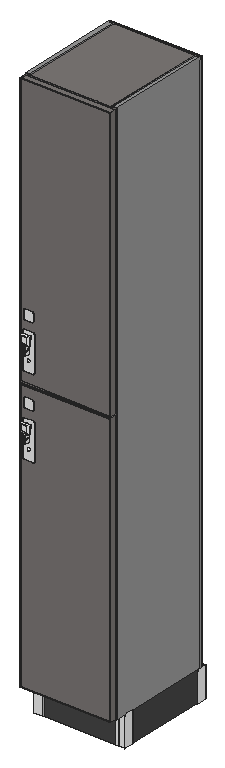
Revit family "Wood_Lockers_Hasps-Salsbury_Industries-42000_Series-1_Wide_Units.rfa", category Specialty Equipment, Revit 2016 (continued)
Definition of nested family "Premier Locker Doors_Hasp"
  Dimensions and locks (in)
    aligned and locked: Extrusion 15 to plane 7 "Front of Door"
    aligned and locked: Extrusion 15 to plane 22 "Front of Hasp Stud"
    aligned and locked: plane 50 "Stud Alignment" to Extrusion 15
    aligned and locked: Blend 17 to plane 39 "Front of Knob"
    aligned and locked: plane 38 "Inner Knob" to Blend 17
    aligned and locked: plane 6 "Back of Door" to Extrusion 18 sketch curve
    aligned and locked: plane 56 "Front of Latch" to Extrusion 18 sketch curve
    aligned and locked: Extrusion 18 to plane 57
    aligned and locked: plane 58 to Extrusion 18
    aligned and locked: plane 59 to cut or joined group of Extrusion 18, Extrusion 19
    aligned and locked: plane 61 to Extrusion 13 sketch curve  (x2)
    aligned and locked: plane 62 to Extrusion 13 sketch curve  (x2)
  Automatic sketch dimensions
    Extrusion 1 sketch curve to plane 4 "Left Side of Door" = 0.031"
    plane 5 "Right Side of Door" to Extrusion 1 sketch curve = 0.031"
    level to Extrusion 1 sketch curve = 0.031"
    plane 9 "Top of Door" to Extrusion 1 sketch curve = 0.031"
    Extrusion 2 sketch curve to plane 4 "Left Side of Door" = 0.031"
    plane 5 "Right Side of Door" to Extrusion 2 sketch curve = 0.031"
    level to Extrusion 2 sketch curve = 0.031"
    plane 9 "Top of Door" to Extrusion 2 sketch curve = 0.031"
    Extrusion 3 sketch curve to plane 4 "Left Side of Door" = 0.031"
    plane 5 "Right Side of Door" to Extrusion 3 sketch curve = 0.031"
    level to Extrusion 3 sketch curve = 0.031"
    plane 9 "Top of Door" to Extrusion 3 sketch curve = 0.031"
    plane 23 "Left Side of Door-Right Side of Trim" to Sweep 4 sketch curve = 0.000"
    plane 24 "Right Side of Door-Left Side of Trim" to Sweep 4 sketch curve = 0.000"  (x2)
    Sweep 4 sketch curve to plane 26 "Bottom of Door-Top of Trim" = 0.000"
    Sweep 4 sketch curve to plane 25 "Top of Door-Bottom of Trim" = 0.000"
    profile plane to Sweep 4 sketch curve = 0.125"
    Sweep 4 sketch curve to Sweep 4 sketch curve = 0.031"
    Sweep 4 sketch curve to plane 1 "Center (Front/Back)" = 0.375"
    plane 1 "Center (Front/Back)" to Sweep 4 sketch curve = 0.375"
    Extrusion 7 sketch curve to plane 33 = 0.000"
    Extrusion 7 sketch curve to plane 34 = 0.000"
    plane 36 to Extrusion 8 sketch curve = 0.000"
    Extrusion 8 sketch curve to Extrusion 8 sketch curve = 0.500"
    plane 35 "Top Hinge" to Extrusion 8 sketch curve = 0.250"
    Extrusion 8 sketch curve to plane 35 "Top Hinge" = 0.250"
    plane 36 to Extrusion 9 sketch curve = 0.000"
    Extrusion 9 sketch curve to Extrusion 9 sketch curve = 0.500"
    plane 37 "Bottom Hinge" to Extrusion 9 sketch curve = 0.250"
    Extrusion 9 sketch curve to plane 37 "Bottom Hinge" = 0.250"
    plane 36 to Extrusion 10 sketch curve = 0.000"
    Extrusion 10 sketch curve to Extrusion 10 sketch curve = 0.500"
    curve 4 to level = 0.000"
    plane 4 "Left Side of Door" to curve 4 = 0.000"
    plane 5 "Right Side of Door" to curve 3 = 0.000"
    curve 3 to plane 9 "Top of Door" = 0.000"
    Extrusion 5 sketch curve to plane 13 "Left Side of Number Tag" = 0.000"
    Extrusion 5 sketch curve to plane 12 "Bottom of Number Tag" = 0.000"
    Extrusion 5 sketch curve to plane 11 "Top of Number Tag" = 0.000"
    Extrusion 5 sketch curve to plane 14 "Right Side of Number Tag" = 0.000"
    Extrusion 6 sketch curve to plane 13 "Left Side of Number Tag" = 0.000"
    Extrusion 6 sketch curve to plane 12 "Bottom of Number Tag" = 0.000"
    Extrusion 6 sketch curve to plane 11 "Top of Number Tag" = 0.000"
    Extrusion 6 sketch curve to plane 14 "Right Side of Number Tag" = 0.000"
    Extrusion 11 sketch curve to plane 13 "Left Side of Number Tag" = 0.125"
    Extrusion 10 sketch curve to plane 10 "Center of Door" = 0.250"
    plane 10 "Center of Door" to Extrusion 10 sketch curve = 0.250"
    Extrusion 11 sketch curve to plane 21 "Bottom of Lock" = 0.125"
    plane 13 "Left Side of Number Tag" to Extrusion 5 sketch curve = 0.14916"
    Extrusion 5 sketch curve to Extrusion 5 sketch curve = 0.14916"  (x2)
    plane 13 "Left Side of Number Tag" to Extrusion 6 sketch curve = 0.14916"
    Extrusion 6 sketch curve to plane 12 "Bottom of Number Tag" = 0.14916"
    plane 13 "Left Side of Number Tag" to Extrusion 11 sketch curve = 0.000"  (x2)
    Extrusion 5 sketch curve to plane 12 "Bottom of Number Tag" = 0.14916"
    Extrusion 6 sketch curve to plane 14 "Right Side of Number Tag" = 0.14916"  (x2)
    plane 14 "Right Side of Number Tag" to Extrusion 11 sketch curve = 0.000"  (x2)
    Extrusion 12 sketch curve to plane 17 "Left Side of Lock" = 0.000"
    plane 13 "Left Side of Number Tag" to Extrusion 12 sketch curve = 0.000"  (x2)
    plane 14 "Right Side of Number Tag" to Extrusion 12 sketch curve = 0.000"  (x2)
    Extrusion 12 sketch curve to plane 20 "Top of Lock" = 0.000"
    Extrusion 12 sketch curve to plane 18 "Right Side of Lock" = 0.000"
    Extrusion 12 sketch curve to plane 21 "Bottom of Lock" = 0.125"
    plane 15 "Horizontal Center of Number Tag" to Sweep 14 sketch curve = 0.000"
    Sweep 14 sketch curve to plane 50 "Stud Alignment" = 0.000"
    Sweep 14 sketch curve to plane 7 "Front of Door" = 0.000"
    Sweep 14 sketch curve to profile plane = 0.000"
    profile plane to Sweep 14 sketch curve = 0.00168"
    profile plane to Sweep 14 sketch curve = 0.156"
    Sweep 14 sketch curve to plane 7 "Front of Door" = 0.03275"
    Extrusion 15 sketch curve to Extrusion 15 sketch curve = 0.000"  (x2)
    Extrusion 15 sketch curve to plane 50 "Stud Alignment" = 0.000"
    plane 15 "Horizontal Center of Number Tag" to Extrusion 15 sketch curve = 0.000"
    plane 15 "Horizontal Center of Number Tag" to Extrusion 15 sketch curve = 0.010"
    plane 13 "Left Side of Number Tag" to Sweep 16 sketch curve = 0.000"
    plane 14 "Right Side of Number Tag" to Sweep 16 sketch curve = 0.000"
    Sweep 16 sketch curve to plane 45 = 0.000"
    Sweep 16 sketch curve to plane 42 = 0.000"
    Sweep 16 sketch curve to plane 7 "Front of Door" = 0.000"
    profile plane to Sweep 16 sketch curve = 0.000"
    profile plane to Sweep 16 sketch curve = 0.22043"
    Sweep 16 sketch curve to Sweep 16 sketch curve = 0.01681"
    profile plane to Sweep 16 sketch curve = 0.33926"
    Sweep 16 sketch curve to Sweep 16 sketch curve = 0.14344"
    Sweep 16 sketch curve to Sweep 16 sketch curve = 0.15329"
    Sweep 16 sketch curve to Sweep 16 sketch curve = 0.59563"
    Sweep 16 sketch curve to Sweep 16 sketch curve = 0.24142"
    Sweep 16 sketch curve to Sweep 16 sketch curve = 0.00858"
    Sweep 16 sketch curve to Sweep 16 sketch curve = 0.51788"
    Sweep 16 sketch curve to Sweep 16 sketch curve = 0.31119"
    Sweep 16 sketch curve to Sweep 16 sketch curve = 0.11721"
    Sweep 16 sketch curve to Sweep 16 sketch curve = 0.01742"
    Sweep 16 sketch curve to Sweep 16 sketch curve = 0.06553"
    Sweep 16 sketch curve to Sweep 16 sketch curve = 0.000"
    Blend 17 sketch curve to plane 54 = 0.000"
    Blend 17 sketch curve to plane 55 = 0.000"
    Blend 17 sketch curve to plane 47 = 0.21496"
    plane 48 to Blend 17 sketch curve = 0.21496"
    plane 54 to Blend 17 sketch curve = 0.03267"
    Blend 17 sketch curve to plane 40 = 0.00461"
    Blend 17 sketch curve to plane 47 = 0.18235"
    plane 48 to Blend 17 sketch curve = 0.18227"
    Extrusion 18 sketch curve to plane 57 = 0.000"
    Extrusion 18 sketch curve to plane 58 = 0.000"
    plane 59 to Extrusion 19 sketch curve = 0.000"
    Extrusion 19 sketch curve to plane 22 "Front of Hasp Stud" = 0.16637"
    curve 29 to plane 14 "Right Side of Number Tag" = 0.000"
    curve 29 to plane 20 "Top of Lock" = 0.000"
    curve 30 to plane 18 "Right Side of Lock" = 0.000"
    curve 29 to plane 13 "Left Side of Number Tag" = 0.000"
    curve 31 to plane 42 = 0.000"
    curve 32 to plane 21 "Bottom of Lock" = 0.125"
    curve 34 to plane 14 "Right Side of Number Tag" = 0.000"
    curve 35 to plane 13 "Left Side of Number Tag" = 0.000"
    plane 15 "Horizontal Center of Number Tag" to curve 37 = 0.000"
    plane 47 to curve 37 = 0.000"
    plane 57 to curve 37 = 0.0599"
    curve 39 to plane 58 = 0.0661"
    curve 42 to plane 14 "Right Side of Number Tag" = 0.000"
    curve 41 to plane 13 "Left Side of Number Tag" = 0.000"
    curve 41 to plane 45 = 0.000"
    curve 43 to plane 42 = 0.000"
    curve 46 to plane 57 = 0.000"
    curve 46 to plane 15 "Horizontal Center of Number Tag" = 0.063"
    plane 15 "Horizontal Center of Number Tag" to curve 45 = 0.063"
    curve 47 to plane 58 = 0.000"
    curve 15 to plane 6 "Back of Door" = 0.000"
    plane 9 "Top of Door" to curve 15 = 0.000"
    plane 57 to curve 49 = 0.000"
    curve 51 to plane 56 "Front of Latch" = 0.000"
    plane 58 to curve 51 = 0.000"
    curve 17 to level = 0.000"
    plane 59 to curve 52 = 0.000"
    curve 53 to plane 22 "Front of Hasp Stud" = 0.16637"
    plane 7 "Front of Door" to curve 53 = 0.04137"
    plane 53 to curve 54 = 0.05633"
    curve 54 to plane 22 "Front of Hasp Stud" = 0.11642"
    plane 55 to curve 55 = 0.00161"
    curve 55 to plane 40 = 0.00465"
    plane 45 to curve 56 = 0.000"
    curve 56 to plane 39 "Front of Knob" = 0.01788"
    curve 56 to plane 40 = 0.08926"
    plane 55 to curve 57 = 0.000"
    curve 57 to plane 40 = 0.03757"
    plane 39 "Front of Knob" to curve 57 = 0.004"
    plane 42 to curve 60 = 0.000"
    curve 58 to plane 39 "Front of Knob" = 0.000"
    plane 54 to curve 58 = 0.000"
    plane 54 to curve 59 = 0.000"
    plane 55 to curve 58 = 0.000"
    curve 60 to plane 39 "Front of Knob" = 0.01788"
    curve 60 to plane 52 = 0.09774"
    plane 54 to curve 60 = 0.03261"
    plane 56 "Front of Latch" to curve 59 = 0.02711"
    plane 54 to curve 59 = 0.06553"
    plane 39 "Front of Knob" to curve 59 = 0.004"
    curve 61 to plane 54 = 0.00161"
    curve 61 to plane 22 "Front of Hasp Stud" = 0.11642"
    plane 6 "Back of Door" to curve 9 = 0.000"
    curve 6 to plane 4 "Left Side of Door" = 0.000"
    plane 7 "Front of Door" to curve 6 = 0.000"
    plane 7 "Front of Door" to curve 28 = 0.000"
    curve 67 to plane 14 "Right Side of Number Tag" = 0.000"
    curve 65 to plane 13 "Left Side of Number Tag" = 0.000"
    curve 66 to plane 39 "Front of Knob" = 0.000"
    curve 28 to plane 17 "Left Side of Lock" = 0.000"
    curve 28 to plane 18 "Right Side of Lock" = 0.000"
    curve 8 to plane 5 "Right Side of Door" = 0.000"
    curve 64 to plane 22 "Front of Hasp Stud" = 0.11642"
    curve 69 to plane 22 "Front of Hasp Stud" = 0.11642"
    curve 68 to plane 39 "Front of Knob" = 0.01788"
    curve 65 to plane 39 "Front of Knob" = 0.01788"
    curve 14 to plane 23 "Left Side of Door-Right Side of Trim" = 0.07537"
    plane 48 to curve 64 = 0.21657"
    plane 48 to curve 65 = 0.09774"
    plane 48 to curve 63 = 0.05633"
    curve 70 to plane 47 = 0.05633"
    curve 68 to plane 47 = 0.09774"
    curve 69 to curve 69 = 0.16024"
    curve 64 to curve 65 = 0.15655"
    curve 69 to curve 68 = 0.15655"
    plane 39 "Front of Knob" to curve 67 = 0.004"
    plane 33 to curve 14 = 0.250"
    curve 66 to curve 65 = 0.11721"
    curve 67 to plane 47 = 0.14943"
    curve 68 to curve 66 = 0.11721"
    curve 67 to curve 66 = 0.000"
    plane 39 "Front of Knob" to curve 71 = 0.004"
    curve 71 to curve 66 = 0.000"
    plane 48 to curve 71 = 0.14943"
    plane 1 "Center (Front/Back)" to curve 73 = 0.000"
    curve 73 to plane 4 "Left Side of Door" = 0.000"
    curve 73 to plane 60 = 0.000"
    plane 48 to Extrusion 13 sketch curve = 0.000"
    plane 15 "Horizontal Center of Number Tag" to Extrusion 13 sketch curve = 0.000"
    radius of Extrusion 7 sketch curve = 0.250"
    radius of Sweep 14 sketch curve = 0.010"
    radius of Extrusion 19 sketch curve = 0.250"
Definition of nested family "Wood Locker Bases"
  Parameters (values of type "Base - 12" W x 15" D Lockers")
    Width = 12.000"
    Visible Base = yes
    Visible = no
    Model = "Base - 12\" W x 15\" D Lockers"
    Manufacturer = "Salsbury Industries"
    Height = 4.000"
    Depth = 13.250"
    Base Secondary Material = none
    Base Primary Materials = none
    Base Hardware = none
  Types (14): name | Width | Visible Base | Visible | Model | Depth
    (no name) | 12.000" | yes | no | "Base - 12\" W x 15\" D Lockers" | 13.250"
    Base - 12" W x 15" D Lockers | 12.000" | yes | no | "Base - 12\" W x 15\" D Lockers" | 13.250"
    Base - 12" W x 18" D Lockers | 12.000" | yes | no | "Base - 12\" W x 18\" D Lockers" | 16.250"
    Base - 12" W x 21" D Lockers | 12.000" | yes | no | "Base - 12\" W x 21\" D Lockers" | 19.250"
    Base - 36" W x 15" D Lockers | 36.000" | yes | yes | "Base - 36\" W x 15\" D Lockers" | 13.250"
    Base - 36" W x 18" D Lockers | 36.000" | yes | yes | "Base - 36\" W x 18\" D Lockers" | 16.250"
    Base - 36" W x 21" D Lockers | 36.000" | yes | yes | "Base - 36\" W x 21\" D Lockers" | 19.250"
    Base - 15" W x 18" D Lockers | 15.000" | yes | no | "Base - 15\" W x 18\" D Lockers" | 16.250"
    Base - 15" W x 21" D Lockers | 15.000" | yes | no | "Base - 15\" W x 21\" D Lockers" | 19.250"
    Base - 15" W x 24" D Lockers | 15.000" | yes | no | "Base - 15\" W x 24\" D Lockers" | 22.250"
    Base - 45" W x 18" D Lockers | 45.000" | yes | yes | "Base - 45\" W x 18\" D Lockers" | 16.250"
    Base - 45" W x 21" D Lockers | 45.000" | yes | yes | "Base - 45\" W x 21\" D Lockers" | 19.250"
    Base - 45" W x 24" D Lockers | 45.000" | yes | yes | "Base - 45\" W x 24\" D Lockers" | 22.250"
    None | 12.000" | no | no | "Base - 12\" W x 15\" D Lockers" | 13.250"
  Reference planes (in)
    plane 1 "Center (Front/Back)": y = 0
    plane 2: z = 0
    plane 3 "Center (Left/Right)": x = 0
    plane 4 "Left Edge": x = -6
    plane 5 "Right Edge": x = 6
    plane 6 "Back Edge": y = 6.625
    plane 7 "Front Edge": y = -6.625
    plane 8 "Bottom Edge": z = 0
    plane 9 "Top Edge": z = 4
    plane 10: x = -4.75
    plane 11: x = -4.102
    plane 12: y = 6.562
    plane 13: y = 5.8
    plane 14: x = -5.131
    plane 15: x = -5.256
    plane 16: x = -5.937
    plane 17: x = -5.175
    plane 18: y = 4.727
    plane 19: y = 5.375
    plane 20: y = 5.756
    plane 21: y = 5.881
    plane 22: x = -5.931
    plane 23: x = 5.931
    plane 24: y = 6.556
    plane 25: y = -6.556
    plane 26: y = 6.525
    plane 27: y = -6.525
    plane 28: x = -5.9
    plane 29: x = 5.9
    plane 30: x = -2.375
    plane 31: x = 2.375
  Forms (in)
    Extrusion 1, solid, material <- "Base Hardware", visible <- "Visible Base"
      sketch origin (0, 0, 0) x (1, 0, 0) y (0, 1, 0)
        loop
          arc (-5.96712, 6.625) -> (-5.99098, 6.61598) -> (-6, 6.59212) r 0.031
          line (-6, 6.59212) -> (-6, 5.4065)
          arc (-6, 5.4065) -> (-5.9685, 5.375) -> (-5.937, 5.4065) r 0.0315
          line (-5.937, 5.4065) -> (-5.937, 5.756) -> (-5.837, 5.756) -> (-5.837, 5.819) -> (-5.937, 5.819) -> (-5.937, 6.51465) -> (-5.256, 5.83365) -> (-5.256, 5.756) -> (-5.175, 5.756) -> (-5.175, 4.75833)
          arc (-5.175, 4.75833) -> (-5.14367, 4.727) -> (-5.11235, 4.75833) r 0.03133
          line (-5.11235, 4.75833) -> (-5.11235, 5.73703) -> (-4.13348, 5.73703)
          arc (-4.13348, 5.73703) -> (-4.102, 5.76852) -> (-4.13348, 5.8) r 0.03148
          line (-4.13348, 5.8) -> (-5.131, 5.8) -> (-5.131, 5.881) -> (-5.21422, 5.881) -> (-5.89522, 6.562) -> (-5.194, 6.562) -> (-5.194, 6.462) -> (-5.131, 6.462) -> (-5.131, 6.562) -> (-4.7814, 6.562)
          arc (-4.7814, 6.562) -> (-4.7499, 6.5935) -> (-4.7814, 6.625) r 0.0315
          line (-4.7814, 6.625) -> (-5.96712, 6.625)
      from 0 to 4
    Extrusion 2, solid, material <- "Base Hardware", visible <- "Visible Base"
      sketch origin (0, 0, 0) x (-1, 0, 0) y (0, -1, 0)
        loop
          line (-5.96712, -6.625) -> (-4.7814, -6.625)
          arc (-4.7814, -6.625) -> (-4.7499, -6.5935) -> (-4.7814, -6.562) r 0.0315
          line (-4.7814, -6.562) -> (-5.131, -6.562) -> (-5.131, -6.462) -> (-5.194, -6.462) -> (-5.194, -6.562) -> (-5.89522, -6.562) -> (-5.21422, -5.881) -> (-5.131, -5.881) -> (-5.131, -5.8) -> (-4.13348, -5.8)
          arc (-4.13348, -5.8) -> (-4.102, -5.76852) -> (-4.13348, -5.73703) r 0.03148
          line (-4.13348, -5.73703) -> (-5.11235, -5.73703) -> (-5.11235, -4.75833)
          arc (-5.11235, -4.75833) -> (-5.14367, -4.727) -> (-5.175, -4.75833) r 0.03133
          line (-5.175, -4.75833) -> (-5.175, -5.756) -> (-5.256, -5.756) -> (-5.256, -5.83365) -> (-5.937, -6.51465) -> (-5.937, -5.819) -> (-5.837, -5.819) -> (-5.837, -5.756) -> (-5.937, -5.756) -> (-5.937, -5.4065)
          arc (-5.937, -5.4065) -> (-5.9685, -5.375) -> (-6, -5.4065) r 0.0315
          line (-6, -5.4065) -> (-6, -6.59212)
          arc (-6, -6.59212) -> (-5.99098, -6.61598) -> (-5.96712, -6.625) r 0.031
      from 0 to 4
    Extrusion 3, solid, material <- "Base Hardware", visible <- "Visible Base"
      sketch origin (0, 0, 0) x (1, 0, 0) y (0, 1, 0)
        loop
          line (-5.96712, -6.625) -> (-4.7814, -6.625)
          arc (-4.7814, -6.625) -> (-4.7499, -6.5935) -> (-4.7814, -6.562) r 0.0315
          line (-4.7814, -6.562) -> (-5.131, -6.562) -> (-5.131, -6.462) -> (-5.194, -6.462) -> (-5.194, -6.562) -> (-5.89522, -6.562) -> (-5.21422, -5.881) -> (-5.131, -5.881) -> (-5.131, -5.8) -> (-4.13348, -5.8)
          arc (-4.13348, -5.8) -> (-4.102, -5.76852) -> (-4.13348, -5.73703) r 0.03148
          line (-4.13348, -5.73703) -> (-5.11235, -5.73703) -> (-5.11235, -4.75833)
          arc (-5.11235, -4.75833) -> (-5.14367, -4.727) -> (-5.175, -4.75833) r 0.03133
          line (-5.175, -4.75833) -> (-5.175, -5.756) -> (-5.256, -5.756) -> (-5.256, -5.83365) -> (-5.937, -6.51465) -> (-5.937, -5.819) -> (-5.837, -5.819) -> (-5.837, -5.756) -> (-5.937, -5.756) -> (-5.937, -5.4065)
          arc (-5.937, -5.4065) -> (-5.9685, -5.375) -> (-6, -5.4065) r 0.0315
          line (-6, -5.4065) -> (-6, -6.59212)
          arc (-6, -6.59212) -> (-5.99098, -6.61598) -> (-5.96712, -6.625) r 0.031
      from 0 to 4
    Extrusion 4, solid, material <- "Base Hardware", visible <- "Visible Base"
      sketch origin (0, 0, 0) x (-1, 0, 0) y (0, -1, 0)
        loop
          arc (-5.96712, 6.625) -> (-5.99098, 6.61598) -> (-6, 6.59212) r 0.031
          line (-6, 6.59212) -> (-6, 5.4065)
          arc (-6, 5.4065) -> (-5.9685, 5.375) -> (-5.937, 5.4065) r 0.0315
          line (-5.937, 5.4065) -> (-5.937, 5.756) -> (-5.837, 5.756) -> (-5.837, 5.819) -> (-5.937, 5.819) -> (-5.937, 6.51465) -> (-5.256, 5.83365) -> (-5.256, 5.756) -> (-5.175, 5.756) -> (-5.175, 4.75833)
          arc (-5.175, 4.75833) -> (-5.14367, 4.727) -> (-5.11235, 4.75833) r 0.03133
          line (-5.11235, 4.75833) -> (-5.11235, 5.73703) -> (-4.13348, 5.73703)
          arc (-4.13348, 5.73703) -> (-4.102, 5.76852) -> (-4.13348, 5.8) r 0.03148
          line (-4.13348, 5.8) -> (-5.131, 5.8) -> (-5.131, 5.881) -> (-5.21422, 5.881) -> (-5.89522, 6.562) -> (-5.194, 6.562) -> (-5.194, 6.462) -> (-5.131, 6.462) -> (-5.131, 6.562) -> (-4.7814, 6.562)
          arc (-4.7814, 6.562) -> (-4.7499, 6.5935) -> (-4.7814, 6.625) r 0.0315
          line (-4.7814, 6.625) -> (-5.96712, 6.625)
      from 0 to 4
    Extrusion 5, solid, material <- "Base Secondary Material", visible <- "Visible Base"
      sketch origin (0, 0, 0) x (0, -1, 0) y (1, 0, 0)
        loop
          line (-5.756, 5.9) -> (-5.756, 5.181) -> (5.75697, 5.181) -> (5.75697, 5.9) -> (-5.756, 5.9)
      from 0 to 4
    Extrusion 6, solid, material <- "Base Secondary Material", visible <- "Visible Base"
      sketch origin (0, 0, 0) x (0, -1, 0) y (1, 0, 0)
        loop
          line (-5.756, -5.9) -> (5.75697, -5.9) -> (5.75697, -5.181) -> (-5.756, -5.181) -> (-5.756, -5.9)
      from 0 to 4
    Extrusion 7, solid, material <- "Base Secondary Material", visible <- "Visible Base"
      sketch origin (-2.05521, 0.625, 0) x (1, 0, 0) y (0, 1, 0)
        loop
          line (-3.07579, 5.9) -> (-3.07579, 5.181) -> (7.18621, 5.181) -> (7.18621, 5.9) -> (-3.07579, 5.9)
      from 0 to 4
    Extrusion 8, solid, material <- "Base Secondary Material", visible <- "Visible Base"
      sketch origin (-2.05521, -0.625, 0) x (1, 0, 0) y (0, 1, 0)
        loop
          line (-3.07579, -5.9) -> (7.18621, -5.9) -> (7.18621, -5.181) -> (-3.07579, -5.181) -> (-3.07579, -5.9)
      from 0 to 4
    Extrusion 9, solid, material <- "Base Primary Materials", visible <- "Visible Base"
      sketch origin (0.76452, 0, 0) x (0, -1, 0) y (1, 0, 0)
        loop
          line (-5.756, 5.16648) -> (-5.756, 5.13548) -> (5.75697, 5.13548) -> (5.75697, 5.16648) -> (-5.756, 5.16648)
      from 0 to 4
    Extrusion 10, solid, material <- "Base Primary Materials", visible <- "Visible Base"
      sketch origin (-0.719, 0, 0) x (0, -1, 0) y (1, 0, 0)
        loop
          line (-5.756, -5.212) -> (5.75697, -5.212) -> (5.75697, -5.181) -> (-5.756, -5.181) -> (-5.756, -5.212)
      from 0 to 4
    Extrusion 11, solid, material <- "Base Primary Materials", visible <- "Visible Base"
      sketch origin (-2.05521, 1.344, 0) x (1, 0, 0) y (0, 1, 0)
        loop
          line (-3.07579, 5.218) -> (-3.07579, 5.181) -> (7.18621, 5.181) -> (7.18621, 5.218) -> (-3.07579, 5.218)
      from 0 to 4
    Extrusion 12, solid, material <- "Base Primary Materials", visible <- "Visible Base"
      sketch origin (-2.05521, -1.344, 0) x (1, 0, 0) y (0, 1, 0)
        loop
          line (-3.07579, -5.212) -> (7.18621, -5.212) -> (7.18621, -5.181) -> (-3.07579, -5.181) -> (-3.07579, -5.212)
      from 0 to 4
    Extrusion 13, solid, material <- "Base Secondary Material", visible <- "Visible"
      sketch origin (0, 0, 4) x (0, -1, 0) y (1, 0, 0)
        loop
          line (-5.806, -2.375) -> (5.806, -2.375) -> (5.806, 2.375) -> (-5.806, 2.375) -> (-5.806, -2.375)
      from 0 to -0.75
    Extrusion 14, solid, material <- "Base Secondary Material", visible <- "Visible"
      sketch origin (0, 0, 0) x (0, -1, 0) y (1, 0, 0)
        loop
          line (-5.806, -2.375) -> (-5.056, -2.375) -> (-5.056, 2.375) -> (-5.806, 2.375) -> (-5.806, -2.375)
      from 0 to 3.25
    Extrusion 15, solid, material <- "Base Secondary Material", visible <- "Visible"
      sketch origin (0, 0, 0) x (0, 1, 0) y (-1, 0, 0)
        loop
          line (-5.806, 2.375) -> (-5.806, -2.375) -> (-5.056, -2.375) -> (-5.056, 2.375) -> (-5.806, 2.375)
      from 0 to 3.25
  Dimensions and locks (in)
    equal spacing: plane 4 "Left Edge", plane 3 "Center (Left/Right)", plane 5 "Right Edge"
    "Width": plane 4 "Left Edge" to plane 5 "Right Edge"
    equal spacing: plane 7 "Front Edge", plane 1 "Center (Front/Back)", plane 6 "Back Edge"
    "Depth": plane 7 "Front Edge" to plane 6 "Back Edge"
    "Height": plane 9 "Top Edge" to plane 8 "Bottom Edge"
    locked: plane 4 "Left Edge" to plane 10 at 1.25
    locked: plane 4 "Left Edge" to plane 11 at 1.898
    locked: plane 12 to plane 6 "Back Edge" at 0.063
    plane 14 to plane 10 = 0.381"
    locked: plane 12 to plane 13 at 0.762
    locked: plane 4 "Left Edge" to plane 16 at 0.063
    locked: plane 16 to plane 17 at 0.762
    locked: plane 19 to plane 6 "Back Edge" at 1.25
    locked: plane 18 to plane 6 "Back Edge" at 1.898
    plane 15 to plane 17 = 0.081"
    plane 21 to plane 13 = 0.081"
    plane 19 to plane 20 = 0.381"
    plane 24 to plane 6 "Back Edge" = 0.069"
    plane 7 "Front Edge" to plane 25 = 0.069"
    plane 23 to plane 5 "Right Edge" = 0.069"
    plane 4 "Left Edge" to plane 22 = 0.069"
    plane 26 to plane 24 = 0.031"
    plane 25 to plane 27 = 0.031"
    plane 22 to plane 28 = 0.031"
    plane 29 to plane 23 = 0.031"
    plane 30 to plane 3 "Center (Left/Right)" to plane 31 = 2.375" locked, 2.375" locked
    aligned and locked: level to plane 2
    aligned and locked: plane 30 to Extrusion 13
    aligned and locked: plane 30 to Extrusion 14
    aligned and locked: plane 30 to Extrusion 15
    aligned and locked: Extrusion 13 to plane 31
    aligned and locked: Extrusion 14 to plane 31
    aligned and locked: Extrusion 15 to plane 31
  Automatic sketch dimensions
    Extrusion 1 sketch curve to plane 4 "Left Edge" = 0.000"
    plane 6 "Back Edge" to Extrusion 1 sketch curve = 0.000"
    Extrusion 1 sketch curve to plane 16 = 0.000"  (x2)
    Extrusion 1 sketch curve to plane 12 = 0.000"  (x2)
    plane 20 to Extrusion 1 sketch curve = 0.000"  (x2)
    Extrusion 1 sketch curve to plane 15 = 0.000"
    plane 21 to Extrusion 1 sketch curve = 0.000"
    Extrusion 1 sketch curve to plane 17 = 0.000"
    Extrusion 1 sketch curve to plane 14 = 0.000"  (x2)
    Extrusion 1 sketch curve to plane 13 = 0.000"
    Extrusion 1 sketch curve to plane 4 "Left Edge" = 0.03094"
    plane 16 to Extrusion 1 sketch curve = 0.03012"
    Extrusion 1 sketch curve to plane 28 = 0.00478"
    Extrusion 1 sketch curve to plane 28 = 0.063"
    plane 17 to Extrusion 1 sketch curve = 0.03922"
    plane 17 to Extrusion 1 sketch curve = 0.019"
    plane 14 to Extrusion 1 sketch curve = 0.01267"
    plane 10 to Extrusion 1 sketch curve = 0.0314"
    plane 11 to Extrusion 1 sketch curve = 0.03148"
    plane 20 to Extrusion 1 sketch curve = 0.01897"
    Extrusion 1 sketch curve to plane 19 = 0.0315"
    Extrusion 1 sketch curve to plane 18 = 0.03133"
    plane 13 to Extrusion 1 sketch curve = 0.019"
    plane 13 to Extrusion 1 sketch curve = 0.03365"
    plane 26 to Extrusion 1 sketch curve = 0.063"
    plane 26 to Extrusion 1 sketch curve = 0.01035"
    plane 12 to Extrusion 1 sketch curve = 0.03012"
    Extrusion 2 sketch curve to plane 5 "Right Edge" = 0.000"
    plane 6 "Back Edge" to Extrusion 2 sketch curve = 0.000"
    plane 20 to Extrusion 2 sketch curve = 0.000"  (x2)
    plane 12 to Extrusion 2 sketch curve = 0.000"  (x2)
    plane 21 to Extrusion 2 sketch curve = 0.000"
    plane 13 to Extrusion 2 sketch curve = 0.000"
    Extrusion 2 sketch curve to plane 5 "Right Edge" = 0.03094"
    Extrusion 2 sketch curve to Extrusion 2 sketch curve = 0.0315"
    Extrusion 2 sketch curve to Extrusion 2 sketch curve = 0.00194"
    plane 23 to Extrusion 2 sketch curve = 0.006"
    Extrusion 2 sketch curve to plane 29 = 0.00478"
    Extrusion 2 sketch curve to plane 29 = 0.063"
    Extrusion 2 sketch curve to plane 13 = 0.03365"
    Extrusion 2 sketch curve to Extrusion 2 sketch curve = 0.581"
    Extrusion 2 sketch curve to Extrusion 2 sketch curve = 0.04178"
    Extrusion 2 sketch curve to plane 26 = 0.063"
    Extrusion 2 sketch curve to Extrusion 2 sketch curve = 0.02022"
    plane 18 to Extrusion 2 sketch curve = 0.03133"
    Extrusion 2 sketch curve to plane 29 = 0.725"
    Extrusion 2 sketch curve to Extrusion 2 sketch curve = 0.03133"
    Extrusion 2 sketch curve to Extrusion 2 sketch curve = 0.063"
    Extrusion 2 sketch curve to Extrusion 2 sketch curve = 0.08322"
    Extrusion 2 sketch curve to Extrusion 2 sketch curve = 0.3496"
    Extrusion 2 sketch curve to Extrusion 2 sketch curve = 0.97886"
    plane 19 to Extrusion 2 sketch curve = 0.0315"
    Extrusion 2 sketch curve to plane 20 = 0.01897"
    Extrusion 2 sketch curve to plane 13 = 0.019"
    Extrusion 2 sketch curve to plane 26 = 0.01035"
    Extrusion 2 sketch curve to plane 12 = 0.03012"
    Extrusion 3 sketch curve to plane 4 "Left Edge" = 0.000"
    plane 7 "Front Edge" to Extrusion 3 sketch curve = 0.000"
    Extrusion 3 sketch curve to plane 16 = 0.000"  (x2)
    Extrusion 3 sketch curve to plane 15 = 0.000"
    Extrusion 3 sketch curve to plane 17 = 0.000"
    Extrusion 3 sketch curve to plane 14 = 0.000"  (x2)
    plane 4 "Left Edge" to Extrusion 3 sketch curve = 0.03094"
    Extrusion 3 sketch curve to plane 16 = 0.03012"
    plane 28 to Extrusion 3 sketch curve = 0.00478"
    plane 28 to Extrusion 3 sketch curve = 0.063"
    Extrusion 3 sketch curve to plane 17 = 0.03922"
    Extrusion 3 sketch curve to plane 17 = 0.019"
    Extrusion 3 sketch curve to plane 14 = 0.01267"
    Extrusion 3 sketch curve to plane 25 = 0.006"  (x2)
    Extrusion 3 sketch curve to plane 10 = 0.0314"
    Extrusion 3 sketch curve to plane 11 = 0.03148"
    plane 27 to Extrusion 3 sketch curve = 0.01035"
    plane 27 to Extrusion 3 sketch curve = 0.063"
    Extrusion 3 sketch curve to Extrusion 3 sketch curve = 0.581"
    Extrusion 3 sketch curve to Extrusion 3 sketch curve = 0.04735"
    Extrusion 3 sketch curve to Extrusion 3 sketch curve = 0.01465"
    Extrusion 3 sketch curve to Extrusion 3 sketch curve = 0.081"
    Extrusion 3 sketch curve to Extrusion 3 sketch curve = 0.03148"
    Extrusion 3 sketch curve to Extrusion 3 sketch curve = 0.044"
    Extrusion 3 sketch curve to Extrusion 3 sketch curve = 0.063"
    Extrusion 3 sketch curve to Extrusion 3 sketch curve = 0.3495"
    Extrusion 3 sketch curve to Extrusion 3 sketch curve = 0.97871"
    plane 7 "Front Edge" to Extrusion 3 sketch curve = 0.03288"
    Extrusion 4 sketch curve to plane 5 "Right Edge" = 0.000"
    plane 7 "Front Edge" to Extrusion 4 sketch curve = 0.000"
    plane 5 "Right Edge" to Extrusion 4 sketch curve = 0.03094"
    Extrusion 4 sketch curve to Extrusion 4 sketch curve = 0.0315"
    Extrusion 4 sketch curve to Extrusion 4 sketch curve = 0.00194"
    Extrusion 4 sketch curve to plane 23 = 0.006"
    plane 29 to Extrusion 4 sketch curve = 0.00478"
    plane 29 to Extrusion 4 sketch curve = 0.063"
    Extrusion 4 sketch curve to Extrusion 4 sketch curve = 0.581"
    Extrusion 4 sketch curve to Extrusion 4 sketch curve = 0.04178"
    Extrusion 4 sketch curve to plane 27 = 0.063"
    Extrusion 4 sketch curve to Extrusion 4 sketch curve = 0.02022"
    plane 29 to Extrusion 4 sketch curve = 0.725"
    Extrusion 4 sketch curve to Extrusion 4 sketch curve = 0.03133"
    Extrusion 4 sketch curve to Extrusion 4 sketch curve = 0.063"  (x2)
    Extrusion 4 sketch curve to Extrusion 4 sketch curve = 0.08322"
    plane 25 to Extrusion 4 sketch curve = 0.006"  (x2)
    Extrusion 4 sketch curve to Extrusion 4 sketch curve = 0.3496"
    Extrusion 4 sketch curve to plane 27 = 0.725"
    Extrusion 4 sketch curve to Extrusion 4 sketch curve = 0.97886"
    Extrusion 4 sketch curve to Extrusion 4 sketch curve = 0.03148"
    Extrusion 4 sketch curve to Extrusion 4 sketch curve = 0.044"
    Extrusion 4 sketch curve to Extrusion 4 sketch curve = 0.000"
    Extrusion 4 sketch curve to Extrusion 4 sketch curve = 0.3495"
    Extrusion 4 sketch curve to Extrusion 4 sketch curve = 0.97871"
    Extrusion 4 sketch curve to Extrusion 4 sketch curve = 0.07765"
    Extrusion 4 sketch curve to Extrusion 4 sketch curve = 0.081"
    Extrusion 4 sketch curve to plane 27 = 0.01035"
    Extrusion 4 sketch curve to plane 7 "Front Edge" = 0.03288"
    plane 20 to Extrusion 5 sketch curve = 0.000"
    Extrusion 5 sketch curve to plane 29 = 0.000"
    Extrusion 5 sketch curve to plane 27 = 0.76803"
    plane 29 to Extrusion 5 sketch curve = 0.719"
    plane 20 to Extrusion 6 sketch curve = 0.000"
    Extrusion 6 sketch curve to plane 28 = 0.000"
    plane 27 to Extrusion 6 sketch curve = 0.76803"
    Extrusion 6 sketch curve to plane 17 = 0.006"
    Extrusion 7 sketch curve to plane 14 = 0.000"
    plane 26 to Extrusion 7 sketch curve = 0.000"
    plane 29 to Extrusion 7 sketch curve = 0.769"
    plane 13 to Extrusion 7 sketch curve = 0.006"
    Extrusion 8 sketch curve to plane 14 = 0.000"
    plane 27 to Extrusion 8 sketch curve = 0.000"
    Extrusion 8 sketch curve to plane 29 = 0.769"
    plane 27 to Extrusion 8 sketch curve = 0.719"
    plane 20 to Extrusion 9 sketch curve = 0.000"
    Extrusion 9 sketch curve to plane 23 = 0.000"
    Extrusion 9 sketch curve to plane 29 = 0.000"
    Extrusion 9 sketch curve to plane 27 = 0.76803"
    plane 20 to Extrusion 10 sketch curve = 0.000"
    Extrusion 10 sketch curve to plane 22 = 0.000"
    Extrusion 10 sketch curve to plane 28 = 0.000"
    plane 27 to Extrusion 10 sketch curve = 0.76803"
    Extrusion 11 sketch curve to plane 14 = 0.000"
    plane 12 to Extrusion 11 sketch curve = 0.000"
    plane 26 to Extrusion 11 sketch curve = 0.000"
    plane 29 to Extrusion 11 sketch curve = 0.769"
    Extrusion 12 sketch curve to plane 14 = 0.000"
    plane 25 to Extrusion 12 sketch curve = 0.000"
    plane 27 to Extrusion 12 sketch curve = 0.000"
    Extrusion 12 sketch curve to plane 29 = 0.769"
    plane 13 to Extrusion 13 sketch curve = 0.006"
    Extrusion 13 sketch curve to plane 27 = 0.719"
    Extrusion 13 sketch curve to plane 11 = 1.727"
    plane 3 "Center (Left/Right)" to Extrusion 13 sketch curve = 2.375"
    plane 13 to Extrusion 14 sketch curve = 0.006"
    plane 19 to Extrusion 14 sketch curve = 0.319"
    Extrusion 14 sketch curve to plane 11 = 1.727"
    plane 3 "Center (Left/Right)" to Extrusion 14 sketch curve = 2.375"
    plane 27 to Extrusion 15 sketch curve = 0.719"
    Extrusion 15 sketch curve to Extrusion 15 sketch curve = 0.750"
    plane 11 to Extrusion 15 sketch curve = 1.727"
    Extrusion 15 sketch curve to plane 3 "Center (Left/Right)" = 2.375"
Definition of nested family "Wood Locker Sloping Hoods"
  Parameters (values of type "44359 - for 15" Deep Lockers (3 Wide)")
    Width = 36.000"
    Visible = yes
    Version = "1.0 (12/15/23)"
    Type Comments = "Sloping Hood for Premier Wood Lockers"
    Model = "44359"
    Manufacturer = "Salsbury Industries"
    Laminate Surface = none
    Height = 5.743"
    Description = "For 15\" D - 3 Wide Lockers"
    Depth = 14.625"
  Types (20): name | Width | Visible | Version | Type Comments | Model | Manufacturer | Height | Description | Depth
    (no name) | 36.000" | yes | "1.0 (12/15/23)" | "Sloping Hood for Premier Wood Lockers" | "44359" | "Salsbury Industries" | 5.743" | "For 15\" D - 3 Wide Lockers" | 14.625"
    44357 - for 15" Deep Lockers (1 Wide) | 12.000" | yes | "1.0 (12/15/23)" | "Sloping Hood for Premier Wood Lockers" | "44357" | "Salsbury Industries" | 5.743" | "For 15\" D - 1 Wide Lockers" | 14.625"
    44353 - for 18" Deep Lockers (1 Wide) | 12.000" | yes | "1.0 (12/15/23)" | "Sloping Hood for Premier Wood Lockers" | "44353" | "Salsbury Industries" | 6.868" | "For 18\" D - 1 Wide Lockers" | 17.625"
    44352 - for 21" Deep Lockers (1 Wide) | 12.000" | yes | "1.0 (12/15/23)" | "Sloping Hood for Premier Wood Lockers" | "44352" | "Salsbury Industries" | 7.993" | "For 21\" D - 1 Wide Lockers" | 20.625"
    44359 - for 15" Deep Lockers (3 Wide) | 36.000" | yes | "1.0 (12/15/23)" | "Sloping Hood for Premier Wood Lockers" | "44359" | "Salsbury Industries" | 5.743" | "For 15\" D - 3 Wide Lockers" | 14.625"
    44356 - for 18" Deep Lockers (3 Wide) | 36.000" | yes | "1.0 (12/15/23)" | "Sloping Hood for Premier Wood Lockers" | "44356" | "Salsbury Industries" | 6.868" | "For 18\" D - 3 Wide Lockers" | 17.625"
    44354 - for 21" Deep Lockers (3 Wide) | 36.000" | yes | "1.0 (12/15/23)" | "Sloping Hood for Premier Wood Lockers" | "44354" | "Salsbury Industries" | 7.993" | "For 21\" D - 3 Wide Lockers" | 20.625"
    44255 - for 24" Deep Lockers (1 Wide) | 15.000" | yes | "1.0 (12/15/23)" | "Sloping Hood for Premier Wood Lockers" | "44255" | "Salsbury Industries" | 9.118" | "For 24\" D - 1 Wood Lockers" | 23.625"
    442257 - for 24" Deep Lockers (3 Wide) | 45.000" | yes | "1.0 (12/15/23)" | "Sloping Hood for Premier Wod Lockers" | "44257" | "Salsbury Industries" | 9.118" | "For 24\" D - 3 Wide Lockers" | 23.625"
    44252 - for 21" Deep Lockers (1 Wide) | 15.000" | yes | "1.0 (12/15/23)" | "Sloping Hood for 15\" Wide Premier Wood Lockers" | "44252" | "Salsbury Industries" | 7.993" | "For 21\" D - 1 Wide Lockers" | 20.625"
    44254 - for 21" Deep Lockers (3 Wide) | 45.000" | yes | "1.0 (12/15/23)" | "Sloping Hood for 15\" Wide Premier Wood Lockers" | "44254" | "Salsbury Industries" | 7.993" | "For 21\" D - 3 Wide Lockers" | 20.625"
    44251 - for 18" Deep Lockers (1 Wide) | 15.000" | yes | "1.0 (12/15/23)" | "Sloping Hood for 15\"Wide Premier Wood Lockers" | "44251" | "Salsbury Industries" | 6.868" | "For 18\" D - 1 Wide Lockers" | 17.625"
    44253 - for 18" Deep Lockers (3 Wide) | 45.000" | yes | "1.0 (12/15/23)" | "Sloping Hood for 15\" Wide Premier Wood Lockers" | "44253" | "Salsbury Industries" | 6.868" | "For 18\" D - 3 Wide Lockers" | 17.625"
    None | 12.000" | no | "" | "" | "" | "" | 5.743" | "" | 14.625"
    44818 - for 18" Deep Lockers (1 Wide) | 18.000" | yes | "1.0 (12/15/23)" | "Sloping Hood for Premier Wood Lockers" | "44818" | "Salsbury Industries" | 6.868" | "For 18\" D - 1 Wide Lockers" | 17.625"
    44811- for 21" Deep Lockers (1 Wide) | 18.000" | yes | "1.0 (12/15/23)" | "Sloping Hood for Premier Wood Lockers" | "44811" | "Salsbury Industries" | 7.993" | "For 21\" D - 1 Wide Lockers" | 20.625"
    44814- for 24" Deep Lockers (1 Wide) | 18.000" | yes | "1.0 (12/15/23)" | "Sloping Hood for Premier Wood Lockers" | "44814" | "Salsbury Industries" | 9.118" | "For 24\" D - 1 Wide Lockers" | 23.625"
    44838- for 18" Deep Lockers (3 Wide) | 54.000" | yes | "1.0 (12/15/23)" | "Sloping Hood for Premier Wood Lockers" | "44838" | "Salsbury Industries" | 6.868" | "For 18\" D - 3 Wide Lockers" | 17.625"
    44831- for 21" Deep Lockers (3 Wide) | 54.000" | yes | "1.0 (12/15/23)" | "Sloping Hood for Premier Wood Lockers" | "44831" | "Salsbury Industries" | 7.993" | "For 21\" D - 3 Wide Lockers" | 20.625"
    44834- for 24" Deep Lockers (3 Wide) | 54.000" | yes | "1.0 (12/15/23)" | "Sloping Hood for Premier Wood Lockers" | "834" | "Salsbury Industries" | 9.118" | "For 24\" D - 3 Wide Lockers" | 23.625"
  Reference planes (in)
    plane 1 "Center (Front/Back)": y = 0
    plane 2: z = 0
    plane 3 "Center (Left/Right)": x = 0
    plane 4 "Front of Hood": y = -7.3125
    plane 5 "Back of Hood": y = 7.3125
    plane 6 "Right Side of Hood": x = 18
    plane 7 "Left Side of Hood": x = -18
    plane 8 "Bottom of Hood": z = 0
    plane 9 "Top of Hood": z = 5.743
    plane 10: x = 17.25
    plane 11: x = -17.25
    plane 12: y = -7.2815
    plane 13: y = -6.5625
    plane 14: z = 5.712
    plane 15: z = 4.993
    plane 16: z = 0.062
    plane 17: z = 0.75
  Forms (in)
    Extrusion 1, solid, visible <- "Visible"
      sketch origin (18, 0.37227, 0) x (0, -1, 0) y (0, 0, 1)
        loop
          line (-0.25, 2.38027) -> (-0.25, 0) -> (0.37227, 0) -> (0.37227, 2.13726) -> (-0.25, 2.38027)
      from 0 to 36
    Extrusion 2, solid, visible <- "Visible"
      sketch origin (0, 0, 0) x (0, 1, 0) y (0, 0, 1)
        loop
          line (-5.47273, 0) -> (7.3125, 4.993) -> (7.3125, 5.712) -> (-7.23269, 0.062) -> (-7.2815, 0.062) -> (-7.2815, 0) -> (-5.47273, 0)
      from -18 to 18
    Extrusion 3, solid, material <- "Laminate Surface", visible <- "Visible"
      sketch origin (0, 0, 0) x (0, 1, 0) y (0, 0, 1)
        loop
          line (-7.3125, 0.062) -> (-7.3125, 0) -> (-7.2815, 0) -> (-7.2815, 0.062) -> (-7.3125, 0.062)
      from -18 to 18
    Extrusion 4, solid, material <- "Laminate Surface", visible <- "Visible"
      sketch origin (0, 0, 0) x (0, 1, 0) y (0, 0, 1)
        loop
          line (7.3125, 5.743) -> (-7.3125, 0.062) -> (-7.23269, 0.062) -> (7.3125, 5.712) -> (7.3125, 5.743)
      from -18 to 18
  Dimensions and locks (in)
    equal spacing: plane 7 "Left Side of Hood", plane 3 "Center (Left/Right)", plane 6 "Right Side of Hood"
    "Width": plane 7 "Left Side of Hood" to plane 6 "Right Side of Hood"
    equal spacing: plane 4 "Front of Hood", plane 1 "Center (Front/Back)", plane 5 "Back of Hood"
    "Depth": plane 4 "Front of Hood" to plane 5 "Back of Hood"
    "Height": plane 9 "Top of Hood" to plane 8 "Bottom of Hood"
    plane 7 "Left Side of Hood" to plane 11 = 0.750"
    plane 10 to plane 6 "Right Side of Hood" = 0.750"
    plane 4 "Front of Hood" to plane 12 to plane 13 = 0.031" locked, 0.719" locked
    plane 15 to plane 14 to plane 9 "Top of Hood" = 0.719" locked, 0.031" locked
    locked: plane 16 to plane 8 "Bottom of Hood" at 0.062
    locked: plane 17 to plane 8 "Bottom of Hood" at 0.75
    aligned and locked: level to plane 2
    aligned and locked: Extrusion 2 to plane 6 "Right Side of Hood"
    aligned and locked: plane 7 "Left Side of Hood" to Extrusion 2
    aligned and locked: plane 7 "Left Side of Hood" to Extrusion 4
    aligned and locked: Extrusion 4 to plane 6 "Right Side of Hood"
    aligned and locked: Extrusion 3 to plane 6 "Right Side of Hood"
    aligned and locked: plane 7 "Left Side of Hood" to Extrusion 3
    aligned and locked: Extrusion 2 to Extrusion 1 sketch curve
    aligned and locked: plane 7 "Left Side of Hood" to Extrusion 1
    aligned and locked: Extrusion 1 to plane 6 "Right Side of Hood"
  Automatic sketch dimensions
    Extrusion 3 sketch curve to level = 0.000"
    Extrusion 3 sketch curve to plane 4 "Front of Hood" = 0.000"
    Extrusion 3 sketch curve to plane 12 = 0.000"
    plane 16 to Extrusion 3 sketch curve = 0.000"
    Extrusion 4 sketch curve to plane 4 "Front of Hood" = 0.000"
    plane 16 to Extrusion 4 sketch curve = 0.000"
    Extrusion 4 sketch curve to plane 5 "Back of Hood" = 0.000"
    plane 14 to Extrusion 4 sketch curve = 0.000"
    plane 9 "Top of Hood" to Extrusion 4 sketch curve = 0.000"
    Extrusion 4 sketch curve to plane 12 = 0.04881"
    Extrusion 2 sketch curve to level = 0.000"
    Extrusion 2 sketch curve to plane 12 = 0.000"
    plane 16 to Extrusion 2 sketch curve = 0.000"
    Extrusion 2 sketch curve to plane 5 "Back of Hood" = 0.000"
    plane 15 to Extrusion 2 sketch curve = 0.000"
    plane 14 to Extrusion 2 sketch curve = 0.000"
    Extrusion 2 sketch curve to plane 13 = 1.08977"
    Extrusion 2 sketch curve to plane 12 = 0.04881"
    Extrusion 1 sketch curve to level = 0.000"
    Extrusion 1 sketch curve to plane 1 "Center (Front/Back)" = 0.000"
    Extrusion 1 sketch curve to Extrusion 1 sketch curve = 0.24302"
Definition of nested family "Wood Locker Sloping Corner Fillers"
  Parameters (values of type "44487 - for 15" D Lockers")
    Width = 16.875"
    Visible = yes
    Version = "1.0 (12/15/23)"
    Type Comments = "Sloping Hood Corner Filler for Premier Wood Lockers"
    Model = "44487"
    Manufacturer = "Salsbury Industries"
    Laminate Surface = none
    Height = 5.743"
    Description = "For 15\" D Lockers"
    Depth = 16.875"
  Types (6): name | Width | Visible | Version | Type Comments | Model | Manufacturer | Height | Description | Depth
    (no name) | 16.875" | yes | "1.0 (12/15/23)" | "Sloping Hood Corner Filler for Premier Wood Lockers" | "44487" | "Salsbury Industries" | 5.743" | "For 15\" D Lockers" | 16.875"
    44487 - for 15" D Lockers | 16.875" | yes | "1.0 (12/15/23)" | "Sloping Hood Corner Filler for Premier Wood Lockers" | "44487" | "Salsbury Industries" | 5.743" | "For 15\" D Lockers" | 16.875"
    44488 - for 18" D Lockers | 19.875" | yes | "1.0 (12/15/23)" | "Sloping Hood Corner Filler for Premier Wood Lockers" | "44488" | "Salsbury Industries" | 6.868" | "For 18\" D Lockers" | 19.875"
    44481- for 21" D Lockers | 22.875" | yes | "1.0 (12/15/23)" | "Sloping Hood Corner Filler for Premier Wood Lockers" | "44481" | "Salsbury Industries" | 7.993" | "For 21\" D Lockers" | 22.875"
    44489- for 24" D Lockers | 25.875" | yes | "1.0 (12/15/23)" | "Sloping Hood Corner Filler for Premier Wood Lockers" | "44489" | "Salsbury Industries" | 9.118" | "For 24\" D Lockers" | 25.875"
    None | 16.875" | no | "" | "" | "" | "" | 5.743" | "" | 16.875"
  Reference planes (in)
    plane 1 "Center (Front/Back)": y = -0.8125
    plane 2: z = 0
    plane 3 "Center (Left/Right)": x = 0.8125
    plane 4 "Front of Hood": y = -7
    plane 5 "Right Side of Hood": x = 7
    plane 6 "Bottom of Hood": z = 0
    plane 7 "Black Trim Line": y = -6.969
    plane 8: z = 0.062
    plane 9: z = 0.75
    plane 10 "New Back of Hood": y = 7.625
    plane 11 "New Front of Hood": y = -9.25
    plane 12 "New Left Side": x = -7.625
    plane 13 "New Right Side": x = 9.25
    plane 14 "Top": z = 5.743
    plane 15: x = 6.969
  Forms (in)
    Extrusion 1, solid, visible <- "Visible"
      sketch origin (0.8125, 0, 0) x (0, 1, 0) y (0, 0, 1)
        loop
          line (-5.16023, 0) -> (7.625, 4.99437) -> (7.625, 5.712) -> (-6.92019, 0.062) -> (-6.969, 0.062) -> (-6.969, 0) -> (-5.16023, 0)
      from -8.4375 to 8.4375
    Extrusion 2, solid, material <- "Laminate Surface", visible <- "Visible"
      sketch origin (0.8125, 0, 0.00023) x (0, 1, 0) y (0, 0, 1)
        loop
          line (7.625, 5.74277) -> (-7, 0.06177) -> (-6.92019, 0.06177) -> (7.625, 5.71177) -> (7.625, 5.74277)
      from -8.4375 to 8.4375
    Extrusion 3, void
      sketch origin (0, 0, 0) x (0, -1, 0) y (1, 0, 0)
        loop
          line (7, 7) -> (-7.625, -7.625) -> (7, -7.625) -> (7, 7)
      from 0 to 5.743
    Extrusion 4, solid, material <- "Laminate Surface", visible <- "Visible"
      sketch origin (9.25, 0, 0) x (0, -1, 0) y (0, 0, 1)
        loop
          line (7, 0) -> (7, 0.062) -> (6.969, 0.062) -> (6.969, 0) -> (7, 0)
      from 0 to 2.25
    Extrusion 5, solid, visible <- "Visible"
      sketch origin (-1.125, -0.8125, 0) x (1, 0, 0) y (0, 0, 1)
        loop
          line (6.28523, 0) -> (8.094, 0) -> (8.094, 0.062) -> (8.04519, 0.062) -> (-6.5, 5.712) -> (-6.5, 4.99437) -> (6.28523, 0)
      from -8.4375 to 8.4375
    Extrusion 6, solid, material <- "Laminate Surface", visible <- "Visible"
      sketch origin (-1.125, -0.8125, 0) x (1, 0, 0) y (0, 0, 1)
        loop
          line (-6.5, 5.743) -> (-6.5, 5.712) -> (8.04519, 0.062) -> (8.125, 0.062) -> (-6.5, 5.743)
      from -8.4375 to 8.4375
    Extrusion 7, solid, material <- "Laminate Surface", visible <- "Visible"
      sketch origin (0, -7, 0) x (1, 0, 0) y (0, 0, 1)
        loop
          line (7, 0) -> (7, 0.062) -> (6.969, 0.062) -> (6.969, 0) -> (7, 0)
      from 0 to 2.25
    Extrusion 8, void
      sketch origin (9.25, 0, 0) x (0, -1, 0) y (0, 0, 1)
        loop
          line (-7.625, 0) -> (5.16023, 0) -> (-7.625, 4.99437) -> (-7.625, 0)
      from 0 to 16.875
  Cuts and joins
    Extrusion 3, Extrusion 8 cuts Extrusion 1
    Extrusion 3 cuts Extrusion 2
    Extrusion 8 cuts Extrusion 5
    Extrusion 8 cuts Extrusion 6
  Dimensions and locks (in)
    locked: plane 4 "Front of Hood" to plane 7 "Black Trim Line" at 0.031
    locked: plane 8 to plane 6 "Bottom of Hood" at 0.062
    locked: plane 9 to plane 6 "Bottom of Hood" at 0.75
    "Height": plane 14 "Top" to plane 6 "Bottom of Hood"
    "Width": plane 12 "New Left Side" to plane 13 "New Right Side"
    "Depth": plane 11 "New Front of Hood" to plane 10 "New Back of Hood"
    equal spacing: plane 12 "New Left Side", plane 3 "Center (Left/Right)", plane 13 "New Right Side"
    equal spacing: plane 11 "New Front of Hood", plane 1 "Center (Front/Back)", plane 10 "New Back of Hood"
    locked: plane 5 "Right Side of Hood" to plane 13 "New Right Side" at 2.25
    locked: plane 11 "New Front of Hood" to plane 4 "Front of Hood" at 2.25
    locked: plane 15 to plane 5 "Right Side of Hood" at 0.031
    aligned and locked: level to plane 2
    aligned and locked: plane 12 "New Left Side" to Extrusion 3
    aligned and locked: Extrusion 2 to plane 13 "New Right Side"
    aligned and locked: plane 12 "New Left Side" to cut or joined group of Extrusion 2, Extrusion 3
    aligned and locked: cut or joined group of Extrusion 2, Extrusion 3 to plane 10 "New Back of Hood"
    aligned and locked: plane 12 "New Left Side" to cut or joined group of Extrusion 1, Extrusion 3, Extrusion 8
    aligned and locked: cut or joined group of Extrusion 1, Extrusion 3, Extrusion 8 to plane 13 "New Right Side"
    aligned and locked: cut or joined group of Extrusion 1, Extrusion 3, Extrusion 8 to plane 10 "New Back of Hood"  (x2)
    aligned and locked: plane 4 "Front of Hood" to cut or joined group of Extrusion 2, Extrusion 3
    aligned and locked: Extrusion 3 to cut or joined group of Extrusion 2, Extrusion 3
    aligned and locked: plane 13 "New Right Side" to cut or joined group of Extrusion 1, Extrusion 3, Extrusion 8
    aligned and locked: plane 5 "Right Side of Hood" to Extrusion 4
    aligned and locked: Extrusion 8 to Extrusion 1  (x2)
    aligned and locked: Extrusion 1 to Extrusion 8
    aligned and locked: cut or joined group of Extrusion 1, Extrusion 3, Extrusion 8 to Extrusion 6
    aligned and locked: plane 11 "New Front of Hood" to Extrusion 6
    aligned and locked: plane 12 "New Left Side" to Extrusion 6
    aligned and locked: plane 11 "New Front of Hood" to Extrusion 5
    aligned and locked: plane 12 "New Left Side" to Extrusion 5
    aligned and locked: cut or joined group of Extrusion 1, Extrusion 3, Extrusion 8 to Extrusion 5
  Automatic sketch dimensions
    Extrusion 1 sketch curve to level = 0.000"
    Extrusion 1 sketch curve to plane 7 "Black Trim Line" = 0.000"
    plane 8 to Extrusion 1 sketch curve = 0.000"
    Extrusion 1 sketch curve to plane 10 "New Back of Hood" = 0.000"
    Extrusion 1 sketch curve to Extrusion 1 sketch curve = 0.04881"
    Extrusion 1 sketch curve to Extrusion 1 sketch curve = 1.75996"
    plane 14 "Top" to Extrusion 1 sketch curve = 0.74863"
    plane 14 "Top" to Extrusion 1 sketch curve = 0.031"
    Extrusion 2 sketch curve to plane 4 "Front of Hood" = 0.000"
    plane 8 to Extrusion 2 sketch curve = 0.000"
    Extrusion 2 sketch curve to plane 10 "New Back of Hood" = 0.000"
    plane 14 "Top" to Extrusion 2 sketch curve = 0.000"
    Extrusion 2 sketch curve to plane 7 "Black Trim Line" = 0.04881"
    plane 14 "Top" to Extrusion 2 sketch curve = 0.031"
    plane 10 "New Back of Hood" to Extrusion 3 sketch curve = 0.000"
    plane 4 "Front of Hood" to Extrusion 3 sketch curve = 0.000"
    Extrusion 3 sketch curve to plane 12 "New Left Side" = 0.000"
    Extrusion 3 sketch curve to plane 5 "Right Side of Hood" = 0.000"
    Extrusion 4 sketch curve to level = 0.000"
    Extrusion 4 sketch curve to plane 7 "Black Trim Line" = 0.000"
    Extrusion 4 sketch curve to plane 4 "Front of Hood" = 0.000"
    plane 8 to Extrusion 4 sketch curve = 0.000"
    Extrusion 5 sketch curve to level = 0.000"
    Extrusion 5 sketch curve to plane 8 = 0.000"
    plane 14 "Top" to Extrusion 5 sketch curve = 0.031"
    Extrusion 5 sketch curve to plane 12 "New Left Side" = 0.000"
    plane 5 "Right Side of Hood" to Extrusion 5 sketch curve = 1.83977"
    plane 5 "Right Side of Hood" to Extrusion 5 sketch curve = 0.07981"
    Extrusion 5 sketch curve to Extrusion 5 sketch curve = 0.04881"
    Extrusion 5 sketch curve to Extrusion 5 sketch curve = 0.71763"
    plane 14 "Top" to Extrusion 6 sketch curve = 0.000"
    Extrusion 6 sketch curve to plane 8 = 0.000"
    Extrusion 6 sketch curve to plane 12 "New Left Side" = 0.000"
    plane 5 "Right Side of Hood" to Extrusion 6 sketch curve = 0.07981"
    Extrusion 6 sketch curve to Extrusion 6 sketch curve = 0.07981"
    plane 14 "Top" to Extrusion 6 sketch curve = 0.031"
    Extrusion 7 sketch curve to level = 0.000"
    plane 15 to Extrusion 7 sketch curve = 0.000"
    plane 5 "Right Side of Hood" to Extrusion 7 sketch curve = 0.000"
    Extrusion 7 sketch curve to plane 8 = 0.000"
    Extrusion 8 sketch curve to plane 10 "New Back of Hood" = 0.000"
    Extrusion 8 sketch curve to level = 0.000"
    Extrusion 8 sketch curve to plane 7 "Black Trim Line" = 1.80877"
    plane 14 "Top" to Extrusion 8 sketch curve = 0.74863"
Definition of nested family "Wood Locker Flat Corner Fillers"
  Parameters (values of type "44437 - for 15" D Lockers")
    Width = 16.875"
    Visible = yes
    Version = "1.0 (12/15/23)"
    Type Comments = "Flat Top Corner Filler for Premier Wood Lockers"
    Model = "44437"
    Manufacturer = "Salsbury Industries"
    Laminate Surface = none
    Height = 0.750"
    Description = "For 15\" D Lockers"
    Depth = 16.875"
  Types (6): name | Width | Visible | Version | Type Comments | Model | Manufacturer | Description | Depth
    (no name) | 16.875" | yes | "1.0 (12/15/23)" | "Flat Top Corner Filler for Premier Wood Lockers" | "44437" | "Salsbury Industries" | "For 15\" D Lockers" | 16.875"
    44437 - for 15" D Lockers | 16.875" | yes | "1.0 (12/15/23)" | "Flat Top Corner Filler for Premier Wood Lockers" | "44437" | "Salsbury Industries" | "For 15\" D Lockers" | 16.875"
    None | 15.000" | no | "" | "" | "" | "" | "" | 13.250"
    44438 - for 18" D Lockers | 19.875" | yes | "1.0 (12/15/23)" | "Flat Top Corner Filler for Premier Wood Lockers" | "44438" | "Salsbury Industries" | "For 18\" D Lockers" | 19.875"
    44431 - for 21" D Lockers | 22.875" | yes | "1.0 (12/15/23)" | "Flat Top Corner Filler for Premier Wood Lockers" | "44431" | "Salsbury Industries" | "For 21\" D Lockers" | 22.875"
    44439 - for 24" D Lockers | 25.875" | yes | "1.0 (12/15/23)" | "Flat Top Corner Filler for Premier Wood Lockers" | "44439" | "Salsbury Industries" | "For 24\" D Lockers" | 25.875"
  Reference planes (in)
    plane 1 "Center (Front/Back)": y = 0
    plane 2: z = 0
    plane 3 "Center (Left/Right)": x = 0
    plane 4 "Right Side": x = 8.4375
    plane 5 "Left Side": x = -8.4375
    plane 6 "Front Side": y = -8.4375
    plane 7 "Back Side": y = 8.4375
    plane 8 "Bottom": z = 0
    plane 9 "Top Side": z = 0.75
    plane 10 "Wood - Laminate Line": z = 0.719
    plane 11: x = -5.4375
    plane 12: y = -5.4375
  Forms (in)
    Extrusion 1, solid, visible <- "Visible"
      sketch origin (0, 0, 0) x (0, -1, 0) y (1, 0, 0)
        loop
          line (-8.4375, -8.4375) -> (5.4375, -8.4375) -> (5.4375, -5.4375) -> (8.4375, -5.4375) -> (8.4375, 8.4375) -> (-8.4375, 8.4375) -> (-8.4375, -8.4375)
      from 0 to 0.719
    Extrusion 2, solid, material <- "Laminate Surface", visible <- "Visible"
      sketch origin (0, 0, 0.75) x (1, 0, 0) y (0, 1, 0)
        loop
          line (-8.4375, -5.4375) -> (-5.4375, -5.4375) -> (-5.4375, -8.4375) -> (8.4375, -8.4375) -> (8.4375, 8.4375) -> (-8.4375, 8.4375) -> (-8.4375, -5.4375)
      from -0.031 to 0
  Dimensions and locks (in)
    equal spacing: plane 6 "Front Side", plane 1 "Center (Front/Back)", plane 7 "Back Side"
    equal spacing: plane 5 "Left Side", plane 3 "Center (Left/Right)", plane 4 "Right Side"
    "Width": plane 5 "Left Side" to plane 4 "Right Side"
    "Depth": plane 6 "Front Side" to plane 7 "Back Side"
    "Height": plane 9 "Top Side" to plane 8 "Bottom"
    locked: plane 9 "Top Side" to plane 10 "Wood - Laminate Line" at 0.031
    locked: plane 6 "Front Side" to plane 12 at 3
    locked: plane 5 "Left Side" to plane 11 at 3
    plane 12 to plane 7 "Back Side" = 13.875"
    aligned and locked: level to plane 2
  Automatic sketch dimensions
    Extrusion 2 sketch curve to plane 5 "Left Side" = 0.000"
    plane 6 "Front Side" to Extrusion 2 sketch curve = 0.000"
    Extrusion 2 sketch curve to plane 11 = 0.000"
    Extrusion 2 sketch curve to plane 4 "Right Side" = 0.000"
    Extrusion 2 sketch curve to plane 12 = 0.000"
    plane 7 "Back Side" to Extrusion 2 sketch curve = 0.000"
    Extrusion 1 sketch curve to plane 5 "Left Side" = 0.000"
    plane 7 "Back Side" to Extrusion 1 sketch curve = 0.000"
    Extrusion 1 sketch curve to plane 12 = 0.000"
    Extrusion 1 sketch curve to plane 4 "Right Side" = 0.000"
    plane 6 "Front Side" to Extrusion 1 sketch curve = 0.000"
    Extrusion 1 sketch curve to plane 11 = 0.000"
Definition of nested family "Wood Locker Side Panels-No Slope"
  Parameters (values of type "44330 - 6' H for 15"D Lockers")
    Width = 14.625"
    Visible = yes
    Version = "1.0 (12/15/23)"
    Type Comments = "Side Panel for Premier Wood Lockers without Sloping Hood"
    Model = "44330"
    Manufacturer = "Salsbury Industries"
    Laminate Surface = none
    Height = 72.000"
    Door Trim = none
    Description = "6' H for 15\" D Lockers"
    Depth = 0.750"
  Types (6): name | Width | Visible | Version | Type Comments | Model | Manufacturer | Description
    (no name) | 14.625" | yes | "1.0 (12/15/23)" | "Side Panel for Premier Wood Lockers without Sloping Hood" | "44330" | "Salsbury Industries" | "6' H for 15\" D Lockers"
    44330 - 6' H for 15"D Lockers | 14.625" | yes | "1.0 (12/15/23)" | "Side Panel for Premier Wood Lockers without Sloping Hood" | "44330" | "Salsbury Industries" | "6' H for 15\" D Lockers"
    44333 - 6' H for 18" D Lockers | 17.625" | yes | "1.0 (12/15/23)" | "Side Panel for Premier Wood Lockers withouth Sloping Hood" | "44333" | "Salsbury Industries" | "6' H for 18\" D Lockers"
    44335 - 6' H for 21" D Lockers | 20.625" | yes | "1.0 (12/15/23)" | "Side Panel for Premier Wood Lockers without Sloping Hood" | "44335" | "Salsbury Industries" | "6' H for 21\" D Lockers"
    None | 14.000" | no | "" | "" | "" | "" | ""
    44237 - 6' H for 24" D Lockers | 23.625" | yes | "1.0 (12/15/23)" | "Side Panel for Premier Wood Lockers without Sloping Hood" | "44237" | "Salsbury Industries" | "6' H for 21\" D Lockers"
  Reference planes (in)
    plane 1 "Center (Front/Back)": y = 0
    plane 2: z = 0
    plane 3 "Center (Left/Right)": x = 0
    plane 4 "Back": y = 0.375
    plane 5 "Front": y = -0.375
    plane 6 "Left Side": x = -7.3125
    plane 7 "Right Side": x = 7.3125
    plane 8 "Bottom": z = 0
    plane 9 "Top": z = 72
    plane 10 "Center Elevation": z = 36
    plane 11 "Wood - Laminate Edge": y = -0.344
    plane 12 "Right Side of Wood": x = 7.2815
    plane 13 "Left Side of Wood": x = -7.2815
